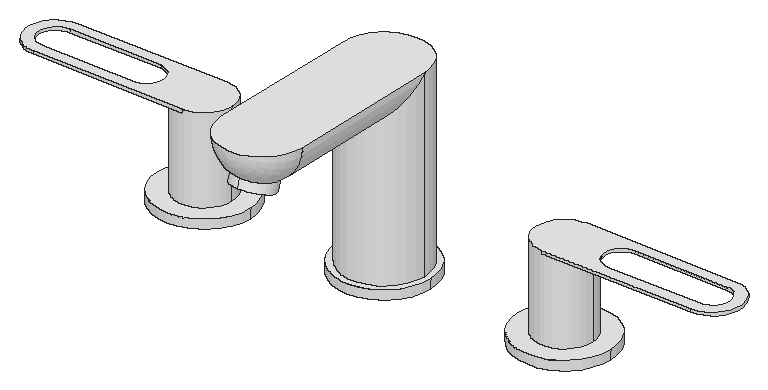
Revit family "Faucet-Lavatory-Grohe-Bauloop-20225000", category Plumbing Fixtures, Revit 2018
Family settings
  Round Connector Dimension = Use Diameter
  Part Type = Normal
  OmniClass Number = 23.45.55.17
  OmniClass Title = Mixing Faucets
  Work Plane-Based = Yes
  Always vertical = No
  Cut with Voids When Loaded = No
  Shared = Yes
  Room Calculation Point = No
Parameters (values of type "20225000")
  Width = 8"
  Waste Connection = no
  Warranty Information = "Limited Lifetime Warranty"  # constant formula
  WFU = 2
  Vent Connection = no
  URL = "https://www.grohe.us/"
  Revised Date = "04/16/2021"
  Product Page URL = "https://www.grohe.us/Widespread-Faucets/8-inch-Widespread-2-Handle-S-Size-Bathroom-Faucet-15-GPM/GROHE-CHROME-20225000"
  Product Documentation Link = "https://americanstandard.box.com/shared/static/9dmopml3s4kjd3b34fajsoo5195qohml.pdf"
  Price = "Prices may vary. Please consult Manufacturer Representative for most up-to-date price list."  # constant formula
  Model = "20225000"
  Manufacturer = "Grohe"
  Installation Type = "Deck Mounted"  # constant formula
  Hot Water Connection Diameter = 3/8"
  Height = 5"
  Handle Width Constraint = if(Width < 5 1/2", 5 1/2", if(Width > 17 3/4", 17 3/4", Width))  # 8"
  HWFU = 1.5
  HW Connection = yes
  Flow Rate = "1.2 GPM"
  Finish = Metal-Grohe-000-StarLight Chrome
  Description = "8\" Widespread 2-Handle S-Size Bathroom Faucet 1.2 GPM"
  Default Elevation = 0"
  Creation Date = "08/20/2020"
  Cold Water Connection Diameter = 3/8"
  CWFU = 1.5
  CW Connection = yes
Reference planes (in)
  plane 1 "Center (Front/Back)": y = 0
  plane 2: z = 0
  plane 3 "Center (Left/Right)": x = 0
  plane 4: x = -4
  plane 5: x = 4
  plane 6: y = -3.5625
  plane 7: z = 4.25
  plane 8: z = 3.60452
  plane 9: x = -7.85202
  plane 10: x = 7.85202
Forms (in)
  Extrusion 1, solid, material "Metal-Grohe-000-StarLight Chrome" <- "Finish"
    sketch origin (0, 0, 0) x (1, 0, 0) y (0, 1, 0)
      loop
        circle (0, 0) r 1.03125
      loop
        circle (4, 0) r 1.03125
      loop
        circle (-4, 0) r 1.03125
    from 0 to 0.20313
  Extrusion 2, solid, material "Metal-Grohe-000-StarLight Chrome" <- "Finish"
    sketch origin (0, 0, 0) x (1, 0, 0) y (0, 1, 0)
      loop
        circle (-4, 0) r 0.61914
      loop
        circle (4, 0) r 0.61914
    from 0.20313 to 2.08077
  Extrusion 3, solid, material "Metal-Grohe-000-StarLight Chrome" <- "Finish"
    sketch origin (0, 0, 0) x (1, 0, 0) y (0, 1, 0)
      loop
        circle (0, 0) r 0.89258
    from 0.20313 to 4.25
  Extrusion 4, solid, material "Metal-Grohe-000-StarLight Chrome" <- "Finish"
    sketch origin (0.08295, -5.96649, 4.38046) x (0, 0.945519, -0.325568) y (1, 0, 0)
      loop
        circle (2.55641, -0.08295) r 0.44141
    from -0.00008 to 0.2883
  Extrusion 5, solid, material "Metal-Grohe-000-StarLight Chrome" <- "Finish"
    sketch origin (0, 0, 0) x (1, 0, 0) y (0, 1, 0)
      loop
        arc (-4, -0.61914) -> (-3.38086, 0) -> (-4, 0.61914) r 0.61914
        line (-4, 0.61914) -> (-7.28941, 0.61914)
        arc (-7.28941, 0.61914) -> (-7.90855, 0) -> (-7.28941, -0.61914) r 0.61914
        line (-7.28941, -0.61914) -> (-4, -0.61914)
      loop
        arc (-7.28941, 0.375) -> (-7.66441, 0) -> (-7.28941, -0.375) r 0.375
        line (-7.28941, -0.375) -> (-5.27031, -0.375)
        arc (-5.27031, -0.375) -> (-4.89531, 0) -> (-5.27031, 0.375) r 0.375
        line (-5.27031, 0.375) -> (-7.28941, 0.375)
    from 2.01973 to 2.08077
  Extrusion 6, solid, material "Metal-Grohe-000-StarLight Chrome" <- "Finish"
    sketch origin (0, 0, 0) x (-1, 0, 0) y (0, -1, 0)
      loop
        line (-4, 0.61914) -> (-7.28941, 0.61914)
        arc (-7.28941, 0.61914) -> (-7.90855, 0) -> (-7.28941, -0.61914) r 0.61914
        line (-7.28941, -0.61914) -> (-4, -0.61914)
        arc (-4, -0.61914) -> (-3.38086, 0) -> (-4, 0.61914) r 0.61914
      loop
        line (-7.28941, -0.375) -> (-5.27031, -0.375)
        arc (-5.27031, -0.375) -> (-4.89531, 0) -> (-5.27031, 0.375) r 0.375
        line (-5.27031, 0.375) -> (-7.28941, 0.375)
        arc (-7.28941, 0.375) -> (-7.66441, 0) -> (-7.28941, -0.375) r 0.375
    from 2.01973 to 2.08077
  Revolve 7, solid, material "Metal-Grohe-000-StarLight Chrome" <- "Finish"
    sketch origin (0, 0, 4.25) x (1, 0, 0) y (0, 1, 0)
      loop
        arc (0.89258, 0) -> (0.63115, 0.63115) -> (0, 0.89258) r 0.89258
        line (0, 0.89258) -> (0, -4.28047)
        arc (0, -4.28047) -> (0.63115, -4.01904) -> (0.89258, -3.38789) r 0.89258
        line (0.89258, -3.38789) -> (0.89258, 0)
      axis (0, -4.28047) -> (0, 0.89258)
    angle from 0 to 180
Cuts and joins
  joined: Extrusion 1, Extrusion 2, Extrusion 3, Extrusion 4, Extrusion 5, Extrusion 6, Revolve 7
Lines and regions (in)
  Masking region 1
    outline origin (0, 0, 0) x (1, 0, 0) y (0, 1, 0)
      loop
        arc (-4.82471, -0.61914) -> (-2.96875, 0) -> (-4.82471, 0.61914) r 1.03125
        line (-4.82471, 0.61914) -> (-7.28941, 0.61914)
        arc (-7.28941, 0.61914) -> (-7.90855, 0) -> (-7.28941, -0.61914) r 0.61914
        line (-7.28941, -0.61914) -> (-4.82471, -0.61914)
      loop
        line (4.82471, -0.61914) -> (7.28941, -0.61914)
        arc (7.28941, -0.61914) -> (7.90855, 0) -> (7.28941, 0.61914) r 0.61914
        line (7.28941, 0.61914) -> (4.82471, 0.61914)
        arc (4.82471, 0.61914) -> (2.96875, 0) -> (4.82471, -0.61914) r 1.03125
      loop
        arc (1.03125, 0) -> (0, 1.03125) -> (-1.03125, 0) r 1.03125
        arc (-1.03125, 0) -> (-0.99598, -0.2674) -> (-0.89258, -0.51651) r 1.03125
        line (-0.89258, -0.51651) -> (-0.89258, -3.38789)
        arc (-0.89258, -3.38789) -> (-0.63115, -4.01904) -> (0, -4.28047) r 0.89258
        arc (0, -4.28047) -> (0.63115, -4.01904) -> (0.89258, -3.38789) r 0.89258
        line (0.89258, -3.38789) -> (0.89258, -0.51651)
        arc (0.89258, -0.51651) -> (0.99598, -0.2674) -> (1.03125, 0) r 1.03125
  symbolic lines, detail levels medium+fine
    curve 1: arc (-4, -0.61914, 0) -> (-3.38086, 0, 0) -> (-4, 0.61914, 0) r 0.61914
    curve 6: line (-4, 0.61914, 0) -> (-4.82471, 0.61914, 0)
    curve 7: line (-4.82471, -0.61914, 0) -> (-4, -0.61914, 0)
    curve 8: arc (4, -0.61914, 0) -> (3.38086, 0, 0) -> (4, 0.61914, 0) r 0.61914
    curve 13: line (4, 0.61914, 0) -> (4.82471, 0.61914, 0)
    curve 14: line (4.82471, -0.61914, 0) -> (4, -0.61914, 0)
  symbolic lines, detail levels fine
    curve 2: arc (-5.27031, 0.375, 0) -> (-4.89531, 0, 0) -> (-5.27031, -0.375, 0) r 0.375
    curve 3: arc (-7.28941, -0.375, 0) -> (-7.66441, 0, 0) -> (-7.28941, 0.375, 0) r 0.375
    curve 4: line (-7.28941, 0.375, 0) -> (-5.27031, 0.375, 0)
    curve 5: line (-5.27031, -0.375, 0) -> (-7.28941, -0.375, 0)
    curve 9: arc (5.27031, 0.375, 0) -> (4.89531, 0, 0) -> (5.27031, -0.375, 0) r 0.375
    curve 10: arc (7.28941, -0.375, 0) -> (7.66441, 0, 0) -> (7.28941, 0.375, 0) r 0.375
    curve 11: line (7.28941, 0.375, 0) -> (5.27031, 0.375, 0)
    curve 12: line (5.27031, -0.375, 0) -> (7.28941, -0.375, 0)
    curve 15: arc (0.89258, 0, 0) -> (0, 0.89258, 0) -> (-0.89258, 0, 0) r 0.89258
    curve 16: line (-0.89258, 0, 0) -> (-0.89258, -0.51651, 0)
    curve 17: line (0.89258, 0, 0) -> (0.89258, -0.51651, 0)
Dimensions and locks (in)
  equal spacing: plane 4, plane 3 "Center (Left/Right)", plane 5
  "Handle Width Constraint": plane 4 to plane 5
  locked: Extrusion 1 to level at 0.20312
  plane 1 "Center (Front/Back)" to plane 6 = 3 9/16"
  plane 7 to level = 4 1/4"
  locked: plane 9 to plane 4 at 3.85202
  locked: plane 5 to plane 10 at 3.85202
  aligned and locked: plane 4 to Extrusion 1 sketch curve
  aligned and locked: plane 1 "Center (Front/Back)" to Extrusion 1 sketch curve  (x3)
  aligned and locked: plane 3 "Center (Left/Right)" to Extrusion 1 sketch curve
  aligned and locked: plane 5 to Extrusion 1 sketch curve
  aligned and locked: Extrusion 1 to level
  aligned and locked: plane 4 to Extrusion 2 sketch curve
  aligned and locked: plane 1 "Center (Front/Back)" to Extrusion 2 sketch curve  (x2)
  aligned and locked: plane 5 to Extrusion 2 sketch curve
  aligned and locked: Extrusion 2 to Extrusion 1
  aligned and locked: plane 3 "Center (Left/Right)" to Extrusion 3 sketch curve
  aligned and locked: plane 1 "Center (Front/Back)" to Extrusion 3 sketch curve
  aligned and locked: plane 3 "Center (Left/Right)" to Extrusion 4 sketch curve
  aligned and locked: cut or joined group of Extrusion 1, Extrusion 2, Extrusion 3, Extrusion 4, Extrusion 5, Extrusion 6, Revolve 7 to Masking region 1 sketch curve
Automatic sketch dimensions
  Extrusion 5 sketch curve to Extrusion 5 sketch curve = 0"  (x2)
  plane 1 "Center (Front/Back)" to Extrusion 5 sketch curve = 0"
  Extrusion 5 sketch curve to plane 4 = 0"
  Extrusion 5 sketch curve to Extrusion 5 sketch curve = 1.27031"
  Extrusion 5 sketch curve to plane 9 = 0.56261"
  plane 1 "Center (Front/Back)" to Extrusion 5 sketch curve = 3/8"
  plane 1 "Center (Front/Back)" to Extrusion 5 sketch curve = 0.61914"
  Extrusion 6 sketch curve to Extrusion 6 sketch curve = 0"  (x2)
  plane 1 "Center (Front/Back)" to Extrusion 6 sketch curve = 0"
  Extrusion 6 sketch curve to plane 5 = 0"
  Extrusion 6 sketch curve to Extrusion 6 sketch curve = 1.27031"
  plane 10 to Extrusion 6 sketch curve = 0.56261"
  Extrusion 6 sketch curve to plane 1 "Center (Front/Back)" = 3/8"
  Extrusion 6 sketch curve to plane 1 "Center (Front/Back)" = 0.61914"
  plane 1 "Center (Front/Back)" to Revolve 7 sketch curve = 0"
  Revolve 7 sketch curve to plane 3 "Center (Left/Right)" = 0"  (x2)
  plane 3 "Center (Left/Right)" to Revolve 7 sketch curve = 0.89258"
  Revolve 7 sketch curve to plane 6 = 0.17461"
  Revolve 7 sketch curve to Revolve 7 sketch curve = 0.60742"
  Revolve 7 sketch curve to Revolve 7 sketch curve = 3/4"
  Masking region 1 sketch curve to Masking region 1 sketch curve = 0"  (x8)
  plane 1 "Center (Front/Back)" to Masking region 1 sketch curve = 0"  (x5)
  Masking region 1 sketch curve to plane 4 = 0"
  Masking region 1 sketch curve to plane 3 "Center (Left/Right)" = 0"  (x2)
  Masking region 1 sketch curve to plane 5 = 0"
  Masking region 1 sketch curve to plane 4 = 0.82471"
  Masking region 1 sketch curve to plane 9 = 0.56261"
  Masking region 1 sketch curve to plane 1 "Center (Front/Back)" = 0.61914"
  Masking region 1 sketch curve to plane 5 = 0.82471"
  Masking region 1 sketch curve to plane 10 = 0.56261"
  plane 1 "Center (Front/Back)" to Masking region 1 sketch curve = 0.61914"
  Masking region 1 sketch curve to plane 6 = 0.17461"
  plane 1 "Center (Front/Back)" to Masking region 1 sketch curve = 0.51651"
  plane 1 "Center (Front/Back)" to curve 3 = 0"
  curve 6 to plane 4 = 0"
  plane 1 "Center (Front/Back)" to curve 16 = 0"
  curve 15 to plane 3 "Center (Left/Right)" = 0"
  curve 8 to plane 5 = 0"
  plane 1 "Center (Front/Back)" to curve 9 = 0"
  plane 1 "Center (Front/Back)" to curve 8 = 0"
  plane 1 "Center (Front/Back)" to curve 1 = 0"
  curve 4 to plane 1 "Center (Front/Back)" = 3/8"
  curve 4 to plane 4 = 1.27031"
  curve 3 to plane 9 = 0.56261"
  curve 16 to curve 15 = 0.89258"
  curve 8 to curve 9 = 1.27031"
  curve 12 to plane 10 = 0.56261"
  plane 1 "Center (Front/Back)" to curve 7 = 0.61914"
  plane 1 "Center (Front/Back)" to curve 14 = 0.61914"
  plane 1 "Center (Front/Back)" to curve 12 = 3/8"
  curve 2 to curve 7 = 0.44561"
  curve 4 to curve 6 = 0.44561"
  curve 13 to curve 9 = 0.44561"
  curve 14 to curve 12 = 0.44561"
  plane 1 "Center (Front/Back)" to curve 17 = 0.51651"
  plane 1 "Center (Front/Back)" to curve 16 = 0.51651"
  radius of Extrusion 1 sketch curve = 1 1/32"  (x3)
  radius of Extrusion 2 sketch curve = 0.61914"  (x2)
  radius of Extrusion 3 sketch curve = 0.89258"
  radius of Extrusion 4 sketch curve = 113/256"
Connectors (in)
  piping at (4, 0, 0), diameter 0.375, driven by "Cold Water Connection Diameter"
    settings: on cut or joined group of Extrusion 1, Extrusion 2, Extrusion 3, Extrusion 4, Extrusion 5, Extrusion 6, Revolve 7, index 1, connector inside diameter 24", connector length 0", flow factor 0, pipe flow 0 GPM, pressure drop 0.00 psi, fitting loss kfactor 0, connector angle 0.00°, fixture units 1.5, engagement length 0", angle of deflection 0.00°, flow configuration 3, flow direction 1, fitting loss method 0, system type 20, joint type 0, gender type 0, connector reference index -1, connector utility 0, adjustable connector no, is connector primary yes, connector description "3/8\" CW Inlet Connection"
  piping at (-4, 0, 0), diameter 0.375, driven by "Hot Water Connection Diameter"
    settings: on cut or joined group of Extrusion 1, Extrusion 2, Extrusion 3, Extrusion 4, Extrusion 5, Extrusion 6, Revolve 7, index 2, connector inside diameter 24", connector length 0", flow factor 0, pipe flow 0 GPM, pressure drop 0.00 psi, fitting loss kfactor 0, connector angle 0.00°, fixture units 1.5, engagement length 0", angle of deflection 0.00°, flow configuration 3, flow direction 1, fitting loss method 0, system type 19, joint type 0, gender type 0, connector reference index -1, connector utility 0, adjustable connector no, is connector primary no, connector description "3/8\" HW Inlet Connection"
